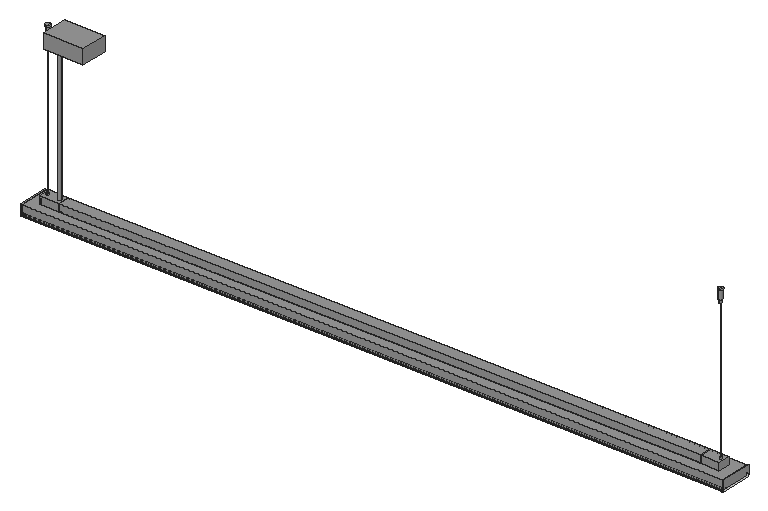
Revit family "Artemide_HoyLinearStandAlone", category Lighting Fixtures, Revit 2018 (continued)
Types (48, lengths in mm): name | Wattage | V_StructureForJunctionDirect+Indirect | V_StructureForJunctionDirect | V_RightEndCapFixing | V_LeftPowerSupplyReal | V_LeftEndCapFixing | built-in parameter 1150134 | Suspended | Product Range | Photometric Web File | M_StructureForJunctions | M_PowerSupply | M_Housing | built-in parameter 1150105 | Lumens | built-in parameter 1150107 | built-in parameter 1150106 | Suitable for Dimming  | Suitable Dimmer Type | Product Model Number | Product Literature | Overall Length | Output Lumens Direct light | Input Lumens Direct light | Initial Lumens | IES Files  | Housing Colour  | Emit from Rectangle Length | Efficiency | built-in parameter 1150104 | Distance_LengthLamp | Distance_LampFromCeilingMax | Colour Temperature | Ceiling
  HoyLinearStandAlone_Suspended_Direct+IndirectEmission_ 1154mm_4000K_Undimmable_White_BL40801 | 38 W | yes | no | yes | yes | yes | 12 | yes | "Hoy Linear Stand Alone" | "BL00801.IES" | Artemide_Aluminum_White | Artemide_Aluminum_White | Artemide_Aluminum_White | 404.42 (stored number, unit not read) | 5082.12 lm | 4000 (stored number, unit not read) | 4.0442 (stored number, unit not read) | "N" | "-" | "BL40801" | "https://www.artemide.com/it/subfamily/4746412/hoy-linear-stand-alone" | 1154 | 4948 | 6114 | 4948 | "https://www.artemide.com/product/downloadFile/4750737/ieseu/4909662" | "White" | 1154 | 81 | 12.425 (stored number, unit not read) | 1154 | 500 | 4000 | no
  HoyLinearStandAlone_Suspended_Direct+IndirectEmission_ 1154mm_4000K_Undimmable_Black_BL40804 | 38 W | yes | no | yes | yes | yes | 12 | yes | "Hoy Linear Stand Alone" | "BL00804.IES" | Artemide_Aluminum_Black | Artemide_Aluminum_Black | Artemide_Aluminum_Black | 404.42 (stored number, unit not read) | 5082.12 lm | 4000 (stored number, unit not read) | 4.0442 (stored number, unit not read) | "N" | "-" | "BL40804" | "https://www.artemide.com/it/subfamily/4746412/hoy-linear-stand-alone" | 1154 | 4948 | 6114 | 4948 | "https://www.artemide.com/product/downloadFile/4750741/ieseu/4909659" | "Black" | 1154 | 81 | 12.425 (stored number, unit not read) | 1154 | 500 | 4000 | no
  HoyLinearStandAlone_Suspended_Direct+IndirectEmission_ 2309mm_3000K_Undimmable_White_BL50701 | 73 W | yes | no | yes | yes | yes | (empty or 0) | yes | "Hoy Linear Stand Alone" | "BL10701.IES" | Artemide_Aluminum_White | Artemide_Aluminum_White | Artemide_Aluminum_White | 758.44 (stored number, unit not read) | 9530.88 lm | 3000 (stored number, unit not read) | 7.5844 (stored number, unit not read) | "N" | "-" | "BL50701" | "https://www.artemide.com/it/subfamily/4746412/hoy-linear-stand-alone" | 2309 | 9400 | 11614.6 | 9400 | "https://www.artemide.com/product/downloadFile/4750736/ieseu/4909655" | "White" | 2309 | 81 | 12.129 (stored number, unit not read) | 2309 | 500 | 3000 | no
  HoyLinearStandAlone_Suspended_Direct+IndirectEmission_ 2309mm_3000K_Undimmable_Black_BL50704 | 73 W | yes | no | yes | yes | yes | (empty or 0) | yes | "Hoy Linear Stand Alone" | "BL10704.IES" | Artemide_Aluminum_Black | Artemide_Aluminum_Black | Artemide_Aluminum_Black | 758.44 (stored number, unit not read) | 9530.88 lm | 3000 (stored number, unit not read) | 7.5844 (stored number, unit not read) | "N" | "-" | "BL50704" | "https://www.artemide.com/it/subfamily/4746412/hoy-linear-stand-alone" | 2309 | 9400 | 11614.6 | 9400 | "https://www.artemide.com/product/downloadFile/4750740/ieseu/4909670" | "Black" | 2309 | 81 | 12.129 (stored number, unit not read) | 2309 | 500 | 3000 | no
  HoyLinearStandAlone_Suspended_Direct+IndirectEmission_ 2309mm_4000K_Undimmable_White_BL50801 | 73 W | yes | no | yes | yes | yes | 12 | yes | "Hoy Linear Stand Alone" | "BL10801.IES" | Artemide_Aluminum_White | Artemide_Aluminum_White | Artemide_Aluminum_White | 798.53 (stored number, unit not read) | 10034.6 lm | 4000 (stored number, unit not read) | 7.9853 (stored number, unit not read) | "N" | "-" | "BL50801" | "https://www.artemide.com/it/subfamily/4746412/hoy-linear-stand-alone" | 2309 | 9897 | 12228 | 9897 | "https://www.artemide.com/product/downloadFile/4750738/ieseu/4909663" | "White" | 2309 | 81 | 12.77 (stored number, unit not read) | 2309 | 500 | 4000 | no
  HoyLinearStandAlone_Suspended_Direct+IndirectEmission_ 2309mm_4000K_Undimmable_Black_BL50804 | 73 W | yes | no | yes | yes | yes | 12 | yes | "Hoy Linear Stand Alone" | "BL10804.IES" | Artemide_Aluminum_Black | Artemide_Aluminum_Black | Artemide_Aluminum_Black | 798.53 (stored number, unit not read) | 10034.6 lm | 4000 (stored number, unit not read) | 7.9853 (stored number, unit not read) | "N" | "-" | "BL50804" | "https://www.artemide.com/it/subfamily/4746412/hoy-linear-stand-alone" | 2309 | 9897 | 12228 | 9897 | "https://www.artemide.com/product/downloadFile/4750742/ieseu/4909651" | "Black" | 2309 | 81 | 12.77 (stored number, unit not read) | 2309 | 500 | 4000 | no
  HoyLinearStandAlone_Suspended_Direct+IndirectEmission_ 1154mm_3000K_DimmableDali_White_BL41001 | 38 W | yes | no | yes | yes | yes | (empty or 0) | yes | "Hoy Linear Stand Alone" | "BL01001.IES" | Artemide_Aluminum_White | Artemide_Aluminum_White | Artemide_Aluminum_White | 374 (stored number, unit not read) | 4699.84 lm | 3000 (stored number, unit not read) | 3.74 (stored number, unit not read) | "Y" | "DALI" | "BL41001" | "https://www.artemide.com/it/subfamily/4746412/hoy-linear-stand-alone" | 1154 | 4700 | 5807.3 | 4700 | "https://www.artemide.com/product/downloadFile/4750743/ieseu/4909656" | "White" | 1154 | 81 | 11.49 (stored number, unit not read) | 1154 | 500 | 3000 | no
  HoyLinearStandAlone_Suspended_Direct+IndirectEmission_ 1154mm_3000K_DimmableDali_Black_BL41004 | 38 W | yes | no | yes | yes | yes | (empty or 0) | yes | "Hoy Linear Stand Alone" | "BL01004.IES" | Artemide_Aluminum_Black | Artemide_Aluminum_Black | Artemide_Aluminum_Black | 374 (stored number, unit not read) | 4699.84 lm | 3000 (stored number, unit not read) | 3.74 (stored number, unit not read) | "Y" | "DALI" | "BL41004" | "https://www.artemide.com/it/subfamily/4746412/hoy-linear-stand-alone" | 1154 | 4700 | 5807.3 | 4700 | "https://www.artemide.com/product/downloadFile/4750747/ieseu/4909666" | "Black" | 1154 | 81 | 11.49 (stored number, unit not read) | 1154 | 500 | 3000 | no
  HoyLinearStandAlone_Suspended_Direct+IndirectEmission_ 1154mm_4000K_DimmableDali_White_BL41101 | 38 W | yes | no | yes | yes | yes | 12 | yes | "Hoy Linear Stand Alone" | "BL01101.IES" | Artemide_Aluminum_White | Artemide_Aluminum_White | Artemide_Aluminum_White | 393.78 (stored number, unit not read) | 4948.36 lm | 4000 (stored number, unit not read) | 3.9378 (stored number, unit not read) | "Y" | "DALI" | "BL41101" | "https://www.artemide.com/it/subfamily/4746412/hoy-linear-stand-alone" | 1154 | 4948 | 6114 | 4948 | "https://www.artemide.com/product/downloadFile/4750745/ieseu/4909660" | "White" | 1154 | 81 | 12.098 (stored number, unit not read) | 1154 | 500 | 4000 | no
  HoyLinearStandAlone_Suspended_Direct+IndirectEmission_ 1154mm_4000K_DimmableDali_Black_BL41104 | 38 W | yes | no | yes | yes | yes | 12 | yes | "Hoy Linear Stand Alone" | "BL01104.IES" | Artemide_Aluminum_Black | Artemide_Aluminum_Black | Artemide_Aluminum_Black | 393.78 (stored number, unit not read) | 4948.36 lm | 4000 (stored number, unit not read) | 3.9378 (stored number, unit not read) | "Y" | "DALI" | "BL41104" | "https://www.artemide.com/it/subfamily/4746412/hoy-linear-stand-alone" | 1154 | 4948 | 6114 | 4948 | "https://www.artemide.com/product/downloadFile/4750749/ieseu/4909661" | "Black" | 1154 | 81 | 12.098 (stored number, unit not read) | 1154 | 500 | 4000 | no
  HoyLinearStandAlone_Suspended_Direct+IndirectEmission_ 2309mm_3000K_DimmableDali_White_BL51001 | 75 W | yes | no | yes | yes | yes | (empty or 0) | yes | "Hoy Linear Stand Alone" | "BL11001.IES" | Artemide_Aluminum_White | Artemide_Aluminum_White | Artemide_Aluminum_White | 758.15 (stored number, unit not read) | 9527.25 lm | 3000 (stored number, unit not read) | 7.5815 (stored number, unit not read) | "Y" | "DALI" | "BL51001" | "https://www.artemide.com/it/subfamily/4746412/hoy-linear-stand-alone" | 2309 | 9400 | 11614.6 | 9400 | "https://www.artemide.com/product/downloadFile/4750744/ieseu/4909667" | "White" | 2309 | 81 | 11.801 (stored number, unit not read) | 2309 | 500 | 3000 | no
  HoyLinearStandAlone_Suspended_Direct+IndirectEmission_ 2309mm_3000K_DimmableDali_Black_BL51004 | 75 W | yes | no | yes | yes | yes | (empty or 0) | yes | "Hoy Linear Stand Alone" | "BL11004.IES" | Artemide_Aluminum_Black | Artemide_Aluminum_Black | Artemide_Aluminum_Black | 758.15 (stored number, unit not read) | 9527.25 lm | 3000 (stored number, unit not read) | 7.5815 (stored number, unit not read) | "Y" | "DALI" | "BL51004" | "https://www.artemide.com/it/subfamily/4746412/hoy-linear-stand-alone" | 2309 | 9400 | 11614.6 | 9400 | "https://www.artemide.com/product/downloadFile/4750748/ieseu/4909658" | "Black" | 2309 | 81 | 11.801 (stored number, unit not read) | 2309 | 500 | 3000 | no
  HoyLinearStandAlone_Suspended_Direct+IndirectEmission_ 2309mm_4000K_DimmableDali_White_BL51101 | 75 W | yes | no | yes | yes | yes | 12 | yes | "Hoy Linear Stand Alone" | "BL11101.IES" | Artemide_Aluminum_White | Artemide_Aluminum_White | Artemide_Aluminum_White | 798.2 (stored number, unit not read) | 10030.5 lm | 4000 (stored number, unit not read) | 7.982 (stored number, unit not read) | "Y" | "DALI" | "BL51101" | "https://www.artemide.com/it/subfamily/4746412/hoy-linear-stand-alone" | 2309 | 9897 | 12228 | 9897 | "https://www.artemide.com/product/downloadFile/4750746/ieseu/4909669" | "White" | 2309 | 81 | 12.425 (stored number, unit not read) | 2309 | 500 | 4000 | no
  HoyLinearStandAlone_Suspended_Direct+IndirectEmission_ 2309mm_4000K_DimmableDali_Black_BL51104 | 75 W | yes | no | yes | yes | yes | 12 | yes | "Hoy Linear Stand Alone" | "BL11104.IES" | Artemide_Aluminum_Black | Artemide_Aluminum_Black | Artemide_Aluminum_Black | 798.2 (stored number, unit not read) | 10030.5 lm | 4000 (stored number, unit not read) | 7.982 (stored number, unit not read) | "Y" | "DALI" | "BL51104" | "https://www.artemide.com/it/subfamily/4746412/hoy-linear-stand-alone" | 2309 | 9897 | 12228 | 9897 | "https://www.artemide.com/product/downloadFile/4750750/ieseu/4909664" | "Black" | 2309 | 81 | 12.425 (stored number, unit not read) | 2309 | 500 | 4000 | no
  HoyLinearStandAlone_Ceiling_DirectEmission_ 1154mm_3000K_Undimmable_White_BL40101 | 24 W | no | yes | no | no | no | (empty or 0) | no | "Hoy Linear Stand Alone" | "BL00101.IES" | Artemide_Aluminum_White | Artemide_Aluminum_White | Artemide_Aluminum_White | 231.95 (stored number, unit not read) | 2914.8 lm | 3000 (stored number, unit not read) | 2.3195 (stored number, unit not read) | "N" | "-" | "BL40101" | "https://www.artemide.com/it/subfamily/4746412/hoy-linear-stand-alone" | 1154 | 2015 | 3748 | 2015 | "-" | "White" | 1154 | 78 | 11.283 (stored number, unit not read) | 1154 | 0 | 3000 | yes
  HoyLinearStandAlone_Ceiling_DirectEmission_ 1154mm_3000K_Undimmable_Black_BL40104 | 24 W | no | yes | no | no | no | (empty or 0) | no | "Hoy Linear Stand Alone" | "BL00104.IES" | Artemide_Aluminum_Black | Artemide_Aluminum_Black | Artemide_Aluminum_Black | 231.95 (stored number, unit not read) | 2914.8 lm | 3000 (stored number, unit not read) | 2.3195 (stored number, unit not read) | "N" | "-" | "BL40104" | "https://www.artemide.com/it/subfamily/4746412/hoy-linear-stand-alone" | 1154 | 2915 | 3748 | 2915 | "-" | "Black" | 1154 | 78 | 11.283 (stored number, unit not read) | 1154 | 0 | 3000 | yes
  HoyLinearStandAlone_Ceiling_DirectEmission_ 1154mm_4000K_Undimmable_White_BL40201 | 24 W | no | yes | no | no | no | 12 | no | "Hoy Linear Stand Alone" | "BL00201.IES" | Artemide_Aluminum_White | Artemide_Aluminum_White | Artemide_Aluminum_White | 244.08 (stored number, unit not read) | 3067.2 lm | 4000 (stored number, unit not read) | 2.4408 (stored number, unit not read) | "N" | "-" | "BL40201" | "https://www.artemide.com/it/subfamily/4746412/hoy-linear-stand-alone" | 1154 | 3067 | 3944 | 3067 | "-" | "White" | 1154 | 78 | 11.873 (stored number, unit not read) | 1154 | 0 | 4000 | yes
  HoyLinearStandAlone_Ceiling_DirectEmission_ 1154mm_4000K_Undimmable_Black_BL40204 | 24 W | no | yes | no | no | no | 12 | no | "Hoy Linear Stand Alone" | "BL00204.IES" | Artemide_Aluminum_Black | Artemide_Aluminum_Black | Artemide_Aluminum_Black | 244.08 (stored number, unit not read) | 3067.2 lm | 4000 (stored number, unit not read) | 2.4408 (stored number, unit not read) | "N" | "-" | "BL40204" | "https://www.artemide.com/it/subfamily/4746412/hoy-linear-stand-alone" | 1154 | 3067 | 3944 | 3067 | "-" | "Black" | 1154 | 78 | 11.873 (stored number, unit not read) | 1154 | 0 | 4000 | yes
  HoyLinearStandAlone_Ceiling_DirectEmission_ 2309mm_3000K_Undimmable_White_BL50101 | 46 W | no | yes | no | no | no | (empty or 0) | no | "Hoy Linear Stand Alone" | "BL10101.IES" | Artemide_Aluminum_White | Artemide_Aluminum_White | Artemide_Aluminum_White | 463.9 (stored number, unit not read) | 5829.58 lm | 3000 (stored number, unit not read) | 4.639 (stored number, unit not read) | "N" | "-" | "BL50101" | "https://www.artemide.com/it/subfamily/4746412/hoy-linear-stand-alone" | 2309 | 5830 | 7496 | 5830 | "-" | "White" | 2309 | 78 | 11.774 (stored number, unit not read) | 2309 | 0 | 3000 | yes
  HoyLinearStandAlone_Ceiling_DirectEmission_ 2309mm_3000K_Undimmable_Black_BL50104 | 46 W | no | yes | no | no | no | (empty or 0) | no | "Hoy Linear Stand Alone" | "BL10104.IES" | Artemide_Aluminum_Black | Artemide_Aluminum_Black | Artemide_Aluminum_Black | 463.9 (stored number, unit not read) | 5829.58 lm | 3000 (stored number, unit not read) | 4.639 (stored number, unit not read) | "N" | "-" | "BL50104" | "https://www.artemide.com/it/subfamily/4746412/hoy-linear-stand-alone" | 2309 | 5830 | 7496 | 5830 | "-" | "Black" | 2309 | 78 | 11.774 (stored number, unit not read) | 2309 | 0 | 3000 | yes
  HoyLinearStandAlone_Ceiling_DirectEmission_ 2309mm_4000K_Undimmable_White_BL50201 | 46 W | no | yes | no | no | no | 12 | no | "Hoy Linear Stand Alone" | "BL10201.IES" | Artemide_Aluminum_White | Artemide_Aluminum_White | Artemide_Aluminum_White | 488.17 (stored number, unit not read) | 6134.56 lm | 4000 (stored number, unit not read) | 4.8817 (stored number, unit not read) | "N" | "-" | "BL50201" | "https://www.artemide.com/it/subfamily/4746412/hoy-linear-stand-alone" | 2309 | 6135 | 7888 | 6135 | "-" | "White" | 2309 | 78 | 12.39 (stored number, unit not read) | 2309 | 0 | 4000 | yes
  HoyLinearStandAlone_Ceiling_DirectEmission_ 2309mm_4000K_Undimmable_Black_BL50204 | 46 W | no | yes | no | no | no | 12 | no | "Hoy Linear Stand Alone" | "BL10204.IES" | Artemide_Aluminum_Black | Artemide_Aluminum_Black | Artemide_Aluminum_Black | 488.17 (stored number, unit not read) | 6134.56 lm | 4000 (stored number, unit not read) | 4.8817 (stored number, unit not read) | "N" | "-" | "BL50204" | "https://www.artemide.com/it/subfamily/4746412/hoy-linear-stand-alone" | 2309 | 6135 | 7888 | 6135 | "-" | "Black" | 2309 | 78 | 12.39 (stored number, unit not read) | 2309 | 0 | 4000 | yes
  HoyLinearStandAlone_Ceiling_DirectEmission_ 1154mm_3000K_DimmableDali_Black_BL40404 | 24 W | no | yes | no | no | no | (empty or 0) | no | "Hoy Linear Stand Alone" | "BL00404.IES" | Artemide_Aluminum_Black | Artemide_Aluminum_Black | Artemide_Aluminum_Black | 231.95 (stored number, unit not read) | 2914.8 lm | 3000 (stored number, unit not read) | 2.3195 (stored number, unit not read) | "Y" | "DALI" | "BL40404" | "https://www.artemide.com/it/subfamily/4746412/hoy-linear-stand-alone" | 1154 | 2915 | 3748 | 2915 | "-" | "Black" | 1154 | 78 | 11.283 (stored number, unit not read) | 1154 | 0 | 3000 | yes
  HoyLinearStandAlone_Ceiling_DirectEmission_ 1154mm_4000K_DimmableDali_White_BL40501 | 24 W | no | yes | no | no | no | 12 | no | "Hoy Linear Stand Alone" | "BL00501.IES" | Artemide_Aluminum_White | Artemide_Aluminum_White | Artemide_Aluminum_White | 244.08 (stored number, unit not read) | 3067.2 lm | 4000 (stored number, unit not read) | 2.4408 (stored number, unit not read) | "Y" | "DALI" | "BL40501" | "https://www.artemide.com/it/subfamily/4746412/hoy-linear-stand-alone" | 1154 | 3067 | 3944 | 3067 | "-" | "White" | 1154 | 78 | 11.873 (stored number, unit not read) | 1154 | 0 | 4000 | yes
  HoyLinearStandAlone_Ceiling_DirectEmission_ 1154mm_4000K_DimmableDali_Black_BL40504 | 24 W | no | yes | no | no | no | 12 | no | "Hoy Linear Stand Alone" | "BL00504.IES" | Artemide_Aluminum_Black | Artemide_Aluminum_Black | Artemide_Aluminum_Black | 244.08 (stored number, unit not read) | 3067.2 lm | 4000 (stored number, unit not read) | 2.4408 (stored number, unit not read) | "Y" | "DALI" | "BL40504" | "https://www.artemide.com/it/subfamily/4746412/hoy-linear-stand-alone" | 1154 | 3067 | 3944 | 3067 | "-" | "Black" | 1154 | 78 | 11.873 (stored number, unit not read) | 1154 | 0 | 4000 | yes
  HoyLinearStandAlone_Ceiling_DirectEmission_ 2309mm_3000K_DimmableDali_White_BL50401 | 46 W | no | yes | no | no | no | (empty or 0) | no | "Hoy Linear Stand Alone" | "BL10401.IES" | Artemide_Aluminum_White | Artemide_Aluminum_White | Artemide_Aluminum_White | 454.02 (stored number, unit not read) | 5705.38 lm | 3000 (stored number, unit not read) | 4.5402 (stored number, unit not read) | "Y" | "DALI" | "BL50401" | "https://www.artemide.com/it/subfamily/4746412/hoy-linear-stand-alone" | 2309 | 5830 | 7496 | 5830 | "-" | "White" | 2309 | 78 | 11.523 (stored number, unit not read) | 2309 | 0 | 3000 | yes
  HoyLinearStandAlone_Ceiling_DirectEmission_ 2309mm_3000K_DimmableDali_Black_BL50404 | 46 W | no | yes | no | no | no | (empty or 0) | no | "Hoy Linear Stand Alone" | "BL10404.IES" | Artemide_Aluminum_Black | Artemide_Aluminum_Black | Artemide_Aluminum_Black | 454.02 (stored number, unit not read) | 5705.38 lm | 3000 (stored number, unit not read) | 4.5402 (stored number, unit not read) | "Y" | "DALI" | "BL50404" | "https://www.artemide.com/it/subfamily/4746412/hoy-linear-stand-alone" | 2309 | 5830 | 7496 | 5830 | "-" | "Black" | 2309 | 78 | 11.523 (stored number, unit not read) | 2309 | 0 | 3000 | yes
  HoyLinearStandAlone_Ceiling_DirectEmission_ 2309mm_4000K_DimmableDali_White_BL50501 | 46 W | no | yes | no | no | no | 12 | no | "Hoy Linear Stand Alone" | "BL10501.IES" | Artemide_Aluminum_White | Artemide_Aluminum_White | Artemide_Aluminum_White | 477.78 (stored number, unit not read) | 6003.92 lm | 4000 (stored number, unit not read) | 4.7778 (stored number, unit not read) | "Y" | "DALI" | "BL50501" | "https://www.artemide.com/it/subfamily/4746412/hoy-linear-stand-alone" | 2309 | 6135 | 7888 | 6135 | "-" | "White" | 2309 | 78 | 12.126 (stored number, unit not read) | 2309 | 0 | 4000 | yes
  HoyLinearStandAlone_Ceiling_DirectEmission_ 2309mm_4000K_DimmableDali_Black_BL50504 | 46 W | no | yes | no | no | no | 12 | no | "Hoy Linear Stand Alone" | "BL10504.IES" | Artemide_Aluminum_Black | Artemide_Aluminum_Black | Artemide_Aluminum_Black | 477.78 (stored number, unit not read) | 6003.92 lm | 4000 (stored number, unit not read) | 4.7778 (stored number, unit not read) | "Y" | "DALI" | "BL50504" | "https://www.artemide.com/it/subfamily/4746412/hoy-linear-stand-alone" | 2309 | 6135 | 7888 | 6135 | "-" | "Black" | 2309 | 78 | 12.126 (stored number, unit not read) | 2309 | 0 | 4000 | yes
  HoyLinearStandAlone_Ceiling_DirectEmission_ 1154mm_3000K_DimmableDali_White_BL40401 | 24 W | no | yes | no | no | no | (empty or 0) | no | "Hoy Linear Stand Alone" | "BL00401.IES" | Artemide_Aluminum_White | Artemide_Aluminum_White | Artemide_Aluminum_White | 231.95 (stored number, unit not read) | 2914.8 lm | 3000 (stored number, unit not read) | 2.3195 (stored number, unit not read) | "Y" | "DALI" | "BL40401" | "https://www.artemide.com/it/subfamily/4746412/hoy-linear-stand-alone" | 1154 | 2915 | 3748 | 2915 | "-" | "White" | 1154 | 78 | 11.283 (stored number, unit not read) | 1154 | 0 | 3000 | yes
